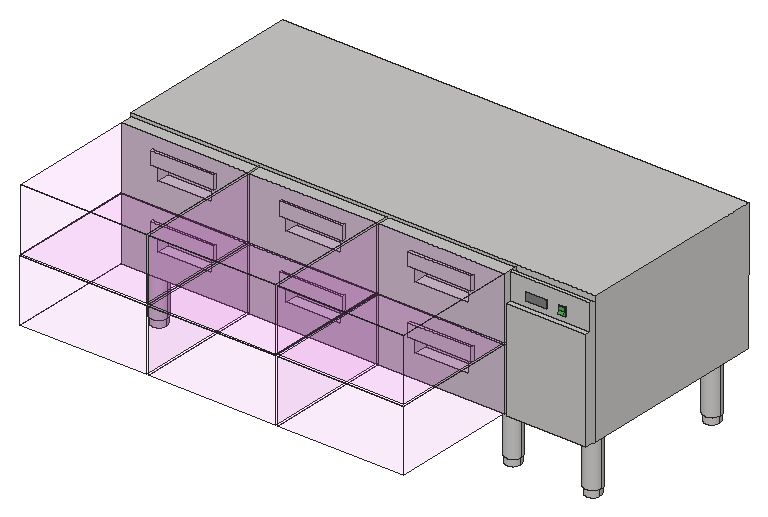
Revit family "QF_ELECTROLUXPROFESSIONAL_371296_E7TTBECOMKN", category Specialty Equipment, Revit 2018 (continued)
Automatic sketch dimensions
  Split face 145 sketch curve to Extrusion 6 = 54.499 mm
  Split face 145 sketch curve to Split face 145 sketch curve = 0.02 mm  (x2)
  Split face 145 sketch curve to Extrusion 6 = 22.519 mm
  Split face 145 sketch curve to Extrusion 6 = 86.503 mm
  Split face 145 sketch curve to Split face 145 sketch curve = 4 mm
  Split face 146 sketch curve to Extrusion 6 = 54.499 mm
  Split face 146 sketch curve to Split face 146 sketch curve = 0.02 mm  (x2)
  Split face 146 sketch curve to Extrusion 6 = 22.519 mm
  Split face 146 sketch curve to Extrusion 6 = 74.504 mm
  Split face 146 sketch curve to Split face 146 sketch curve = 4 mm
  Split face 147 sketch curve to Extrusion 6 = 54.499 mm
  Split face 147 sketch curve to Split face 147 sketch curve = 0.02 mm  (x2)
  Split face 147 sketch curve to Extrusion 6 = 22.519 mm
  Split face 147 sketch curve to Extrusion 6 = 62.503 mm
  Split face 147 sketch curve to Split face 147 sketch curve = 4 mm
  Split face 148 sketch curve to Extrusion 6 = 54.499 mm
  Split face 148 sketch curve to Split face 148 sketch curve = 0.02 mm  (x2)
  Split face 148 sketch curve to Extrusion 6 = 22.519 mm
  Split face 148 sketch curve to Extrusion 6 = 50.504 mm
  Split face 148 sketch curve to Split face 148 sketch curve = 4 mm
  Split face 149 sketch curve to Extrusion 6 = 54.499 mm
  Split face 149 sketch curve to Split face 149 sketch curve = 0.02 mm  (x2)
  Split face 149 sketch curve to Extrusion 6 = 22.519 mm
  Split face 149 sketch curve to Extrusion 6 = 38.504 mm
  Split face 149 sketch curve to Split face 149 sketch curve = 4 mm
  Split face 150 sketch curve to Extrusion 6 = 22.504 mm
  Split face 150 sketch curve to Extrusion 6 = 54.499 mm
  Split face 150 sketch curve to Split face 150 sketch curve = 0.02 mm  (x2)
  Split face 150 sketch curve to Extrusion 6 = 22.519 mm
  Split face 150 sketch curve to Split face 150 sketch curve = 4 mm
  Split face 151 sketch curve to Extrusion 6 = 22.401 mm
  Split face 151 sketch curve to Extrusion 6 = 54.499 mm
  Split face 151 sketch curve to Split face 151 sketch curve = 0.02 mm  (x2)
  Split face 151 sketch curve to Extrusion 6 = 22.519 mm
  Split face 151 sketch curve to Split face 151 sketch curve = 4 mm
  Extrusion 16 sketch curve to plane 23 = 0 mm
  plane 4 to Extrusion 16 sketch curve = 9.006 mm
  Extrusion 16 sketch curve to plane 3 "Centro (Sinistra/Destra)" = 360.999 mm
  Extrusion 16 sketch curve to Extrusion 16 sketch curve = 123.7 mm
  plane 12 to Extrusion 16 sketch curve = 73.7 mm
  plane 18 to Extrusion 16 sketch curve = 4 mm
  plane 4 to Extrusion 16 sketch curve = 88.212 mm
  Extrusion 16 sketch curve to plane 23 = 55.994 mm
  Extrusion 16 to Extrusion 17 sketch curve = 0 mm
  Extrusion 17 sketch curve to Extrusion 16 = 0 mm  (x3)
  Extrusion 18 sketch curve to Extrusion 16 = 15 mm  (x2)
  Extrusion 16 to Extrusion 18 sketch curve = 31.031 mm
  Extrusion 18 sketch curve to Extrusion 16 = 13.969 mm
  Extrusion 19 sketch curve to plane 23 = 0 mm
  plane 4 to Extrusion 19 sketch curve = 9.006 mm
  plane 3 "Centro (Sinistra/Destra)" to Extrusion 19 sketch curve = 81.031 mm
  Extrusion 19 sketch curve to plane 3 "Centro (Sinistra/Destra)" = 42.668 mm
  plane 4 to Extrusion 19 sketch curve = 88.212 mm
  Extrusion 19 sketch curve to Extrusion 19 sketch curve = 186.601 mm
  Extrusion 19 sketch curve to Extrusion 19 sketch curve = 123.7 mm
  Extrusion 19 sketch curve to plane 23 = 55.994 mm
  Extrusion 19 to Extrusion 20 sketch curve = 0 mm
  Extrusion 20 sketch curve to Extrusion 19 = 0 mm  (x3)
  Extrusion 21 sketch curve to Extrusion 19 = 15 mm  (x2)
  Extrusion 19 to Extrusion 21 sketch curve = 31.031 mm
  Extrusion 21 sketch curve to Extrusion 19 = 13.969 mm
  Extrusion 22 sketch curve to plane 23 = 0 mm
  plane 14 to Extrusion 22 sketch curve = 52 mm
  Extrusion 22 sketch curve to plane 14 = 71.738 mm
  Extrusion 22 sketch curve to plane 17 = 73.339 mm
  plane 4 to Extrusion 22 sketch curve = 9.006 mm
  plane 3 "Centro (Sinistra/Destra)" to Extrusion 22 sketch curve = 88.961 mm
  plane 4 to Extrusion 22 sketch curve = 88.212 mm
  Extrusion 22 sketch curve to plane 23 = 55.994 mm
  Extrusion 23 sketch curve to Extrusion 22 = 0 mm  (x4)
  Extrusion 24 sketch curve to Extrusion 22 = 15 mm  (x2)
  Extrusion 22 to Extrusion 24 sketch curve = 31.031 mm
  Extrusion 24 sketch curve to Extrusion 22 = 13.969 mm
  radius of Extrusion 5 sketch curve = 6 mm
  radius of Split face 2 sketch curve = 1.2 mm
  radius of Split face 3 sketch curve = 1.2 mm
  radius of Split face 4 sketch curve = 1.2 mm
  radius of Split face 5 sketch curve = 1.2 mm
  radius of Split face 6 sketch curve = 1.2 mm
  radius of Split face 7 sketch curve = 1.2 mm
Nested families
  nested 1: "Foot H200" at (-745, -249, 0), type "Foot H200"
  nested 2: "Foot H200" at (-745, 262, 0), type "Foot H200"
  nested 3: "Foot H200" at (471, -249, 0) x (-1, 0, 0) z (0, 0, 1), type "Foot H200"
  nested 4: "Foot H200" at (471, 262, 0) x (-1, 0, 0) z (0, 0, 1), type "Foot H200"
  nested 5: "Foot H200" at (745, -249, 0) x (-1, 0, 0) z (0, 0, 1), type "Foot H200"
  nested 6: "Foot H200" at (745, 262, 0) x (-1, 0, 0) z (0, 0, 1), type "Foot H200"
  nested 7: "01_Refrigerator" at (550, -150, 0), type "01_Refrigerator"
Connectors
  electrical at (758, 190, 189.987)
    settings: on Extrusion 5, index 1, voltage 0 V, apparent load 0 VA, apparent load phase1 0 VA, apparent load phase2 0 VA, apparent load phase3 0 VA, power factor 1, load classification "Altro", number of poles 1, system type 30, power factor state 1, is connector primary yes, connector utility no, sub classification motor no, connector description "Electrical"
Definition of nested family "Foot H200"
  Reference planes
    plane 1 "Centro (Fronte/Retro)": y = 0
    plane 2: z = 0
    plane 3 "Centro (Sinistra/Destra)": x = 0
    plane 4: z = 200
  Forms (mm)
    Revolve 1, solid
      sketch origin (255.05, 0, 608.09) x (0, 0, 1) y (-1, 0, 0)
        loop
          line (-608.09, 255.05) -> (-608.09, 230.05) -> (-583.09, 230.05) -> (-583.09, 226.05) -> (-408.09, 226.05) -> (-408.09, 255.05) -> (-608.09, 255.05)
        axis (-608.09, 255.05) -> (-408.09, 255.05)
      angle from 0 to 360
  Dimensions and locks
    Revolve 1 sketch curve to Revolve 1 sketch curve = 175 mm
    plane 4 to level = 200 mm
    aligned and locked: level to plane 2
    aligned and locked: plane 4 to Revolve 1 sketch curve
    aligned and locked: Revolve 1 sketch curve to level
    aligned and locked: plane 3 "Centro (Sinistra/Destra)" to Revolve 1 sketch curve
Definition of nested family "01_Refrigerator"
  Reference planes
    plane 1 "Center (Front/Back)": y = 0
    plane 2: z = 0
    plane 3 "Center (Left/Right)": x = 0
  Lines and regions (mm)
    detail lines, in view "Ref. Level"
      curve 1: line (0, -60, 0) -> (0, 60, 0)
      curve 2: line (-51.962, 30, 0) -> (51.962, -30, 0)
      curve 3: line (-51.962, -30, 0) -> (51.962, 30, 0)
      curve 4: line (19.116, 56.873, 0) -> (0, 35, 0)
      curve 5: line (0, 35, 0) -> (-19.116, 56.873, 0)
      curve 6: line (-30.311, 17.5, 0) -> (-40, 45.883, 0)
      curve 7: line (-59.736, 11.7, 0) -> (-30.311, 17.5, 0)
      curve 8: line (-30.311, -17.5, 0) -> (-59.736, -11.7, 0)
      curve 9: line (-40, -45.883, 0) -> (-30.311, -17.5, 0)
      curve 10: line (0, -35, 0) -> (-19.116, -56.873, 0)
      curve 11: line (19.116, -56.873, 0) -> (0, -35, 0)
      curve 12: line (30.311, -17.5, 0) -> (39.696, -44.992, 0)
      curve 13: line (58.812, -11.882, 0) -> (30.311, -17.5, 0)
      curve 14: line (30.311, 17.5, 0) -> (58.812, 11.882, 0)
      curve 15: line (39.696, 44.992, 0) -> (30.311, 17.5, 0)
      curve 16: spline (-200, 0, 0) -> (-193.185, -23.294, 0) -> (-173.205, -45, 0) -> (-141.421, -63.64, 0) -> (-100, -77.942, 0) -> (-51.764, -86.933, 0) -> (0, -90, 0) -> (51.764, -86.933, 0) -> (100, -77.942, 0) -> (141.421, -63.64, 0) -> (173.205, -45, 0) -> (193.185, -23.294, 0) -> (200, 0, 0) -> (193.185, 23.294, 0) -> (173.205, 45, 0) -> (141.421, 63.64, 0) -> (100, 77.942, 0) -> (51.764, 86.933, 0) -> (0, 90, 0) -> (-51.764, 86.933, 0) -> (-100, 77.942, 0) -> (-141.421, 63.64, 0) -> (-173.205, 45, 0) -> (-193.185, 23.294, 0) -> (-200, 0, 0)
Types (2, lengths in mm): name | Volts | URL Manufacturer | URL | Manufacturer | Phase | Model | Item Number | Description | Cycle
  (no name) | 0 V | "" | "" | "" | 0 | "" | "" | "" | 0 Hz
  Standard | 220 V | "http://professional.electrolux.com" | "http://professional.electrolux.com" | "Electrolux Professional" | 1 | "E7TTBECOMKN" | "371296" | "REFRIGERATED BASE WITH 6 DRAWERS 1600MM - R290" | 50 Hz
